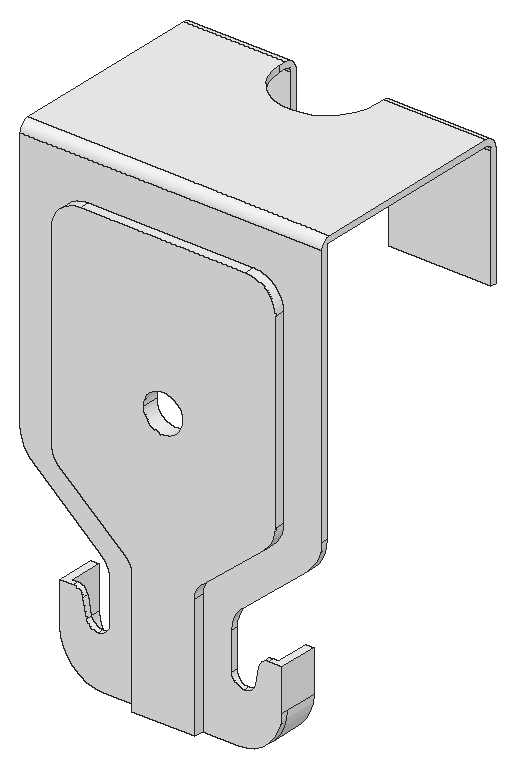
Revit family "特殊40mmSクリップ", category 機械設備, Revit 2020
Family settings
  丸型コネクタ寸法 = 直径を使用
  種別 = なし
  パーツ タイプ = 標準
  作業面ベース = いいえ
  常に垂直 = はい
  ロード時にボイドで切り取り = いいえ
  共有 = いいえ
  部屋計算ポイント = いいえ
Parameters
  製造元 = "株式会社桐井製作所"
  既定の高さ = 0 mm
  URL = "https://www.kirii.co.jp/"
  K_品名 = "特殊40mmSクリップ"
  K_名称 = "特殊クリップ"
  K_入数 = "1000"
  K_バージョン情報 = "20211012"
Reference planes
  plane 1 "中心(正面/背面)": y = 0
  plane 2: z = 0
  plane 3 "中心(左/右)": x = 0
Forms (mm)
  Extrusion 1, solid
    sketch origin (0, 30, 0) x (0, 1, 0) y (0, 0, 1)
      loop
        line (-30, 0) -> (-29.4, -0.6) -> (-29.4, 48.9) -> (-9, 48.9)
        arc (-9, 48.9) -> (-8.54, 48.71) -> (-8.35, 48.25) r 0.65
        line (-8.35, 48.25) -> (-8.35, 35.15) -> (-7.75, 35.75) -> (-7.75, 48.25)
        arc (-7.75, 48.25) -> (-8.116, 49.134) -> (-9, 49.5) r 1.25
        line (-9, 49.5) -> (-29, 49.5)
        arc (-29, 49.5) -> (-29.707, 49.207) -> (-30, 48.5) r 1
        line (-30, 48.5) -> (-30, 0)
    from -15.5 to 15.5
  Extrusion 2, void
    sketch origin (0, -0.6, -0.8) x (0, 1, 0) y (0, 0, 1)
      loop
        line (0.387, 0.8) -> (0.387, -0.064) -> (1.428, -0.064) -> (1.428, 0.8) -> (0.387, 0.8)
    from -15.5 to 15.5
  Extrusion 3, solid
    sketch origin (0, 0, 0) x (1, 0, 0) y (0, 0, 1)
      loop
        arc (11.5, 41.5) -> (10.621, 43.621) -> (8.5, 44.5) r 3
        line (8.5, 44.5) -> (-8.5, 44.5)
        arc (-8.5, 44.5) -> (-10.621, 43.621) -> (-11.5, 41.5) r 3
        line (-11.5, 41.5) -> (-11.5, 21.989)
        arc (-11.5, 21.989) -> (-11.222, 20.728) -> (-10.441, 19.701) r 3
        line (-10.441, 19.701) -> (-3.956, 14.199)
        arc (-3.956, 14.199) -> (-3.435, 13.514) -> (-3.25, 12.674) r 2
        line (-3.25, 12.674) -> (-3.25, 0) -> (3.25, 0) -> (3.25, 12.674)
        arc (3.25, 12.674) -> (3.435, 13.514) -> (3.956, 14.199) r 2
        line (3.956, 14.199) -> (10.441, 19.701)
        arc (10.441, 19.701) -> (11.222, 20.728) -> (11.5, 21.989) r 3
        line (11.5, 21.989) -> (11.5, 41.5)
    from 0 to 1
  Extrusion 4, void
    sketch origin (0, 0, 0) x (1, 0, 0) y (0, 0, 1)
      loop
        line (14.117, 18.603) -> (7.288, 12.697)
        arc (7.288, 12.697) -> (6.522, 11.675) -> (6.25, 10.428) r 3
        line (6.25, 10.428) -> (6.25, 6.55)
        arc (6.25, 6.55) -> (6.616, 5.666) -> (7.5, 5.3) r 1.25
        arc (7.5, 5.3) -> (8.25, 5.55) -> (8.7, 6.2) r 1.25
        line (8.7, 6.2) -> (9.044, 7.989)
        arc (9.044, 7.989) -> (9.389, 8.571) -> (10.026, 8.8) r 1
        line (10.026, 8.8) -> (11.4, 8.8) -> (11.4, 4.5)
        arc (11.4, 4.5) -> (10.082, 1.318) -> (6.9, 0) r 4.5
        line (6.9, 0) -> (15.5, 0) -> (15.5, 21.629)
        arc (15.5, 21.629) -> (15.138, 19.965) -> (14.117, 18.603) r 4
      loop
        arc (-14.117, 18.603) -> (-15.138, 19.965) -> (-15.5, 21.629) r 4
        line (-15.5, 21.629) -> (-15.5, 0) -> (-6.9, 0)
        arc (-6.9, 0) -> (-10.082, 1.318) -> (-11.4, 4.5) r 4.5
        line (-11.4, 4.5) -> (-11.4, 8.8) -> (-10.026, 8.8)
        arc (-10.026, 8.8) -> (-9.389, 8.571) -> (-9.044, 7.989) r 1
        line (-9.044, 7.989) -> (-8.7, 6.2)
        arc (-8.7, 6.2) -> (-8.25, 5.55) -> (-7.5, 5.3) r 1.25
        arc (-7.5, 5.3) -> (-6.616, 5.666) -> (-6.25, 6.55) r 1.25
        line (-6.25, 6.55) -> (-6.25, 10.428)
        arc (-6.25, 10.428) -> (-6.522, 11.675) -> (-7.288, 12.697) r 3
        line (-7.288, 12.697) -> (-14.117, 18.603)
    from -0.6 to 0.455
  Extrusion 5, solid
    sketch origin (0, 0, 0) x (1, 0, 0) y (0, 0, 1)
      loop
        arc (-11.4, 4.5) -> (-10.082, 1.318) -> (-6.9, 0) r 4.5
        line (-6.9, 0) -> (6.9, 0)
        arc (6.9, 0) -> (10.082, 1.318) -> (11.4, 4.5) r 4.5
        line (11.4, 4.5) -> (11.4, 8.8) -> (10.6, 8.8) -> (10.6, 4.5)
        arc (10.6, 4.5) -> (9.516, 1.884) -> (6.9, 0.8) r 3.7
        line (6.9, 0.8) -> (-6.9, 0.8)
        arc (-6.9, 0.8) -> (-9.516, 1.884) -> (-10.6, 4.5) r 3.7
        line (-10.6, 4.5) -> (-10.6, 8.8) -> (-11.4, 8.8) -> (-11.4, 4.5)
    from -4 to 0
  Extrusion 6, void
    sketch origin (0, 5.371, 10.976) x (0, 1, 0) y (0, 0, 1)
      loop
        line (15.756, 24.774) -> (15.756, 23.898) -> (16.879, 23.898) -> (16.879, 24.774) -> (15.756, 24.774)
    from -15.5 to 15.5
  Extrusion 7, void
    sketch origin (0, 9.471, 15.871) x (1, 0, 0) y (0, 1, 0)
      loop
        arc (-5, 10.629) -> (-3.536, 7.093) -> (0, 5.629) r 5
        arc (0, 5.629) -> (3.536, 7.093) -> (5, 10.629) r 5
        line (5, 10.629) -> (5, 12.779) -> (-5, 12.779) -> (-5, 10.629)
    from 19.002 to 33.629
  Extrusion 8, void
    sketch origin (0, 0, 0) x (1, 0, 0) y (0, 0, 1)
      loop
        circle (0, 28.55) r 2
    from -0.6 to 1
Cuts and joins
  Extrusion 2, Extrusion 4, Extrusion 6, Extrusion 7, Extrusion 8 cuts Extrusion 1
  Extrusion 6, Extrusion 8 cuts Extrusion 3
  Extrusion 6 cuts Extrusion 5
  joined: Extrusion 1, Extrusion 3, Extrusion 5
Dimensions and locks
  aligned and locked: level to plane 2
